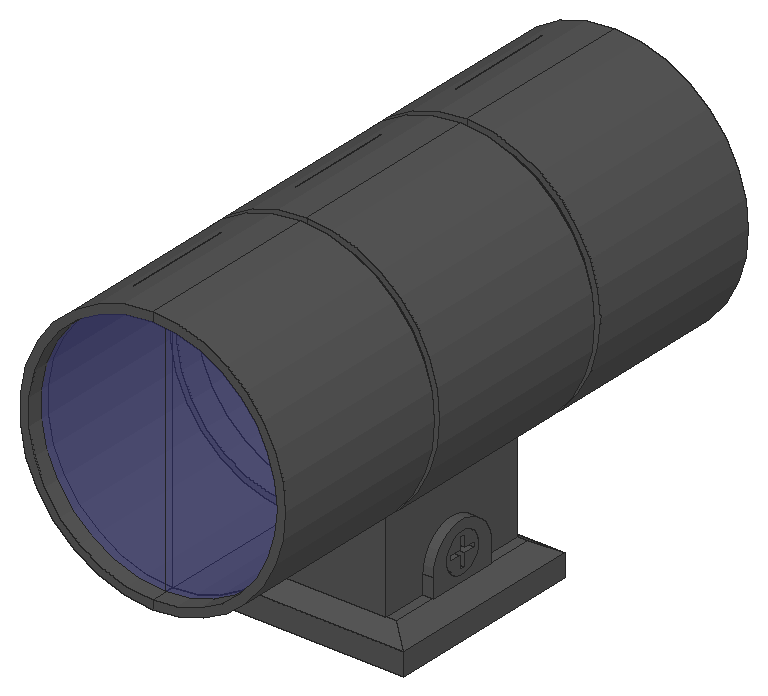
Revit family "CARLO CYLINDER LIGHT WALL MOUNT", category Lighting Fixtures, host Face, Revit 2020 (continued)
Types (10): name | Wattage_Input | Wattage Comments | Wattage | Photometric Web File | built-in parameter 1150142 | Model | built-in parameter 1150105 | Lumens | Light Length 1 | LIGHT RADIUS | LIGHT PLACEMENT | LIGHT LENGTH | LIGHT DIA | built-in parameter 1150106 | FIXED END HEIGHT | Curve base Height | Base Curve | BEAMING ANGLE | Apparent Load
     85.55 108.17 131.34 154.8 178.12 \r\n 200.53 221.09 239.95 257.86 272.07 278.63 281.81 284.71 286.95 289.22 \r\n 291.46 293.58 296.29 300.37 305.58 312.8 319.47 322.5 324.34 326.6 \r\n 328.64 330.24 331.73 333.31 335.12 337.32 340.09 343.33 347.94 354.73 \r\n 363.85 375.71 390.3 407.69 427.98 450.9 477.53 508.86 544.83 586.09 \r\n 631.46 680.07 731.56 785.65 841.3 897.2 953.88 1012 1069.8 1125.4 \r\n 1179.9 1233.9 1286.8 1338.1 1387.5 1434.4 1479.2 1522.4 1564.5 1606.5 \r\n 1647.3 1686.8 1723.7 1756.2 1786.1 1814.9 1842.2 1868.2 1892.3 1913.6 \r\n 1932.3 1948.1 1961.6 1973.5 1983.9 1993 2000.6 2006.9 2011.3 2013.4 \r\n 2013.2 \r\n2008.1 2012.4 2009.3 2003.7 1996.3 1987.9 1978 1966.5 1953.6 1940 \r\n 1924.3 1905.3 1883.6 1859.8 1833.9 1806.2 1776.8 1746.8 1714.6 1678.2 \r\n 1639.4 1599.4 1558.2 1516.3 1473.1 1428.1 1381.3 1332.5 1281.7 1229 \r\n 1175.1 1121.3 1065.9 1006.5 946.79 890.38 835.1 779.35 725 673.25 \r\n 624.43 578.96 537.8 502.44 471.72 445.13 422.22 402.48 385.71 371.49 \r\n 360.03 351.7 345.66 341.44 338.44 335.88 333.78 331.85 330.16 328.86 \r\n 327.44 325.32 322.86 320.73 317.43 310.65 303.55 298.94 295.5 292.97 \r\n 290.92 288.84 286.64 284.32 281.04 277.03 269.07 251.97 231.83 214.21 \r\n 195.5 173.21 149.46 125.15 101.4 79.463 59.831 42.996 30.168 23.756 \r\n 20.668 18.731 17.61 16.03 14.648 13.785 13.181 12.686 12.284 11.908 \r\n 11.568 11.257 10.956 10.642 10.316 9.9653 9.6091 9.2691 8.9238 8.5464 \r\n 8.1752 7.8469 7.5386 7.2465 6.9497 6.6126 6.2759 5.9808 5.6907 5.3696 \r\n 5.058 4.7981 4.5489 4.2757 4.0031 3.7449 3.4996 3.2765 3.0567 2.8125 \r\n 2.5793 2.3966 2.2251 2.0288 1.8377 1.6761 1.525 1.3697 1.2217 1.0871 \r\n 0.96722 0.86736 0.78087 0.70143 0.63329 0.58021 0.53725 0.50139 0.47069 0.44264 \r\n 0.416 0.39127 0.36846 0.34718 0.32913 0.31667 0.30742 0.30014 0.29376 0.28662 \r\n 0.27928 0.27176 0.2641 0.25634 0.24851 0.24092 0.23271 0.22383 0.21211 0.2001 \r\n 0.1736 0.10527 0.037113 0.010026 0 0 0 0 0 0 \r\n 0 0 0 0 0.000067 0.00074907 0.0076042 0.024618 0.05706 0.12324 \r\n 0.18802 0.21435 0.22629 0.23571 0.24212 0.24926 0.2563 0.26368 0.27133 0.27917 \r\n 0.2876 0.29714 0.3073 0.31787 0.32865 0.33823 0.35011 0.36802 0.3899 0.41567 \r\n 0.44325 0.47032 0.49781 0.53035 0.56904 0.6158 0.67282 0.74432 0.82621 0.91298 \r\n 1.013 1.1353 1.2726 1.4232 1.5807 1.7334 1.8958 2.0862 2.2817 2.4546 \r\n 2.6386 2.871 3.1141 3.3327 3.556 3.8072 4.0699 4.3363 4.6034 4.8576 \r\n 5.1237 5.4346 5.7526 6.0377 6.3293 6.669 7.0102 7.3076 7.5986 7.9018 \r\n 8.2281 8.6109 9.0013 9.3514 9.6916 10.041 10.387 10.72 11.043 11.344 \r\n 11.652 11.989 12.371 12.795 13.33 14.001 14.942 16.416 18.068 19.104 \r\n 21.095 24.687 31.865 45.72 63.577 83.989 106.36 129.88 153.77 177.29 \r\n 199.6 219.2 237.33 256.11 271.47 278.46 281.83 284.81 287.03 289.23 \r\n 291.38 293.47 296.14 300.02 305.09 312.44 319.28 322.3 324.09 326.4 \r\n 328.47 330.02 331.43 332.98 334.75 336.87 339.54 342.71 347.24 353.89 \r\n 362.86 374.62 389.15 406.54 426.9 450.01 476.85 508.29 544.36 585.83 \r\n 631.4 680.13 731.75 786.16 841.96 897.3 953.49 1012.2 1070.6 1125.9 \r\n 1179.8 1233.5 1285.9 1337 1386.1 1432.7 1477.5 1520.5 1562.5 1604.3 \r\n 1645 1684.3 1721 1753.3 1783.1 1812.3 1840 1866 1889.8 1911.2 \r\n 1930 1945.5 1959 1971.2 1982 1991.3 1999.2 2005.9 2010.7 2013.1 \r\n 2013.2 \r\n2008.1 2012.8 2010.1 2004.9 1997.8 1989.6 1980.1 1968.9 1956.4 1943 \r\n 1927.5 1908.7 1887.3 1863.6 1837.7 1809.8 1780.3 1750.5 1718.4 1681.8 \r\n 1642.8 1602.3 1560.6 1518.8 1475.7 1431.1 1384.6 1335.6 1284.8 1232.5 \r\n 1179.1 1125.5 1070.4 1011.3 952.07 896.17 841.25 785.35 730.73 679 \r\n 630.18 584.48 542.93 506.9 475.51 448.58 425.38 405.09 387.81 373.39 \r\n 361.77 353 346.54 342.1 338.99 336.4 334.34 332.57 331.03 329.67 \r\n 328.16 326.06 323.7 321.86 318.79 311.87 304.5 299.62 295.94 293.33 \r\n 291.26 289.19 287.05 284.82 281.74 278.13 270.66 254.18 234.56 217.06 \r\n 198.33 176.1 152.39 128.11 104.31 82.187 62.213 44.805 31.356 24.405 \r\n 20.929 18.933 17.859 16.239 14.811 13.912 13.278 12.761 12.348 11.974 \r\n 11.641 11.339 11.044 10.719 10.383 10.035 9.6842 9.3421 8.9909 8.6019 \r\n 8.2199 7.8906 7.584 7.2921 6.9947 6.6545 6.3155 6.022 5.7346 5.4148 \r\n 5.1037 4.8417 4.5911 4.3211 4.0513 3.7896 3.54 3.3165 3.0964 2.849 \r\n 2.6134 2.4334 2.2648 2.0669 1.8736 1.7123 1.5614 1.4043 1.2538 1.1166 \r\n 0.99445 0.8941 0.80675 0.72357 0.65136 0.596 0.55156 0.51481 0.48354 0.45522 \r\n 0.42756 0.40062 0.37566 0.3535 0.33568 0.32568 0.31853 0.30995 0.30137 0.2928 \r\n 0.28422 0.27564 0.26706 0.25849 0.24991 0.24133 0.23275 0.22543 0.2156 0.20432 \r\n 0.17834 0.11135 0.043568 0.013361 0 0 0 0 0 0 \r\n 0 0 0 0 0 0 0 0.013361 0.043568 0.11135 \r\n 0.17834 0.20432 0.2156 0.22543 0.23275 0.24133 0.24991 0.25849 0.26706 0.27564 \r\n 0.28422 0.2928 0.30137 0.30995 0.31853 0.32568 0.33568 0.3535 0.37566 0.40062 \r\n 0.42756 0.45522 0.48354 0.51481 0.55156 0.596 0.65136 0.72357 0.80675 0.8941 \r\n 0.99444 1.1166 1.2538 1.4043 1.5614 1.7123 1.8736 2.0669 2.2648 2.4334 \r\n 2.6134 2.849 3.0964 3.3165 3.54 3.7896 4.0513 4.3211 4.5911 4.8417 \r\n 5.1037 5.4148 5.7346 6.022 6.3155 6.6545 6.9947 7.2921 7.584 7.8906 \r\n 8.2199 8.6019 8.9909 9.3421 9.6842 10.035 10.383 10.719 11.044 11.339 \r\n 11.641 11.974 12.348 12.761 13.278 13.912 14.811 16.239 17.859 18.933 \r\n 20.929 24.405 31.356 44.805 62.213 82.187 104.31 128.11 152.39 176.1 \r\n 198.33 217.06 234.56 254.18 270.66 278.13 281.74 284.82 287.05 289.19 \r\n 291.26 293.33 295.94 299.62 304.5 311.87 318.79 321.86 323.7 326.06 \r\n 328.16 329.67 331.03 332.57 334.34 336.4 338.99 342.1 346.54 353 \r\n 361.77 373.39 387.81 405.09 425.38 448.58 475.51 506.9 542.93 584.48 \r\n 630.18 679 730.73 785.35 841.25 896.17 952.07 1011.3 1070.4 1125.5 \r\n 1179.1 1232.5 1284.8 1335.6 1384.6 1431.1 1475.7 1518.8 1560.6 1602.3 \r\n 1642.8 1681.8 1718.4 1750.5 1780.3 1809.8 1837.7 1863.6 1887.3 1908.7 \r\n 1927.5 1943 1956.4 1968.9 1980.1 1989.6 1997.8 2004.9 2010.1 2012.8 \r\n 2013.2 \r\n2008.1 2013.1 2010.7 2005.9 1999.2 1991.3 1982 1971.2 1959 1945.5 \r\n 1930 1911.2 1889.8 1866 1840 1812.3 1783.1 1753.3 1721 1684.3 \r\n 1645 1604.3 1562.5 1520.5 1477.5 1432.7 1386.1 1337 1285.9 1233.5 \r\n 1179.8 1125.9 1070.6 1012.2 953.49 897.3 841.96 786.16 731.75 680.13 \r\n 631.4 585.83 544.36 508.29 476.85 450.01 426.9 406.54 389.15 374.62 \r\n 362.86 353.89 347.24 342.71 339.54 336.87 334.75 332.98 331.43 330.02 \r\n 328.47 326.4 324.09 322.3 319.28 312.44 305.09 300.02 296.14 293.47 \r\n 291.38 289.23 287.03 284.81 281.83 278.46 271.47 256.11 237.33 219.2 \r\n 199.6 177.29 153.77 129.88 106.36 83.989 63.577 45.72 31.865 24.687 \r\n 21.095 19.104 18.068 16.416 14.942 14.001 13.33 12.795 12.371 11.989 \r\n 11.652 11.344 11.043 10.72 10.387 10.041 9.6916 9.3514 9.0013 8.6109 \r\n 8.2281 7.9018 7.5986 7.3076 7.0102 6.669 6.3293 6.0377 5.7526 5.4346 \r\n 5.1237 4.8576 4.6034 4.3363 4.0699 3.8072 3.556 3.3327 3.1141 2.871 \r\n 2.6386 2.4546 2.2817 2.0862 1.8958 1.7334 1.5807 1.4232 1.2726 1.1353 \r\n 1.013 0.91298 0.82621 0.74432 0.67282 0.6158 0.56904 0.53035 0.49781 0.47032 \r\n 0.44325 0.41567 0.3899 0.36802 0.35011 0.33823 0.32865 0.31787 0.3073 0.29714 \r\n 0.2876 0.27917 0.27133 0.26368 0.2563 0.24926 0.24212 0.23571 0.22629 0.21435 \r\n 0.18802 0.12324 0.05706 0.024618 0.0076042 0.00074907 0.000067 0 0 0 \r\n 0 0 0 0 0 0 0 0.010026 0.037113 0.10527 \r\n 0.1736 0.2001 0.21211 0.22383 0.23271 0.24092 0.24851 0.25634 0.2641 0.27176 \r\n 0.27928 0.28662 0.29376 0.30014 0.30742 0.31667 0.32913 0.34718 0.36846 0.39127 \r\n 0.416 0.44264 0.47069 0.50139 0.53725 0.58021 0.63329 0.70143 0.78087 0.86736 \r\n 0.96722 1.0871 1.2217 1.3697 1.525 1.6761 1.8377 2.0288 2.2251 2.3966 \r\n 2.5793 2.8125 3.0567 3.2765 3.4996 3.7449 4.0031 4.2757 4.5489 4.7981 \r\n 5.058 5.3696 5.6907 5.9808 6.2759 6.6126 6.9497 7.2465 7.5386 7.8469 \r\n 8.1752 8.5464 8.9238 9.2691 9.6091 9.9653 10.316 10.642 10.956 11.257 \r\n 11.568 11.908 12.284 12.686 13.181 13.785 14.648 16.03 17.61 18.731 \r\n 20.668 23.756 30.168 42.996 59.831 79.463 101.4 125.15 149.46 173.21 \r\n 195.5 214.21 231.83 251.97 269.07 277.03 281.04 284.32 286.64 288.84 \r\n 290.92 292.97 295.5 298.94 303.55 310.65 317.43 320.73 322.86 325.32 \r\n 327.44 328.86 330.16 331.85 333.78 335.88 338.44 341.44 345.66 351.7 \r\n 360.03 371.49 385.71 402.48 422.22 445.13 471.72 502.44 537.8 578.96 \r\n 624.43 673.25 725 779.35 835.1 890.38 946.79 1006.5 1065.9 1121.3 \r\n 1175.1 1229 1281.7 1332.5 1381.3 1428.1 1473.1 1516.3 1558.2 1599.4 \r\n 1639.4 1678.2 1714.6 1746.8 1776.8 1806.2 1833.9 1859.8 1883.6 1905.3 \r\n 1924.3 1940 1953.6 1966.5 1978 1987.9 1996.3 2003.7 2009.3 2012.4 \r\n 2013.2 \r\n2008.1 2013.4 2011.3 2006.9 2000.6 1993 1983.9 1973.5 1961.6 1948.1 \r\n 1932.3 1913.6 1892.3 1868.2 1842.2 1814.9 1786.1 1756.2 1723.7 1686.8 \r\n 1647.3 1606.5 1564.5 1522.4 1479.2 1434.4 1387.5 1338.1 1286.8 1233.9 \r\n 1179.9 1125.4 1069.8 1012 953.88 897.2 841.3 785.65 731.56 680.07 \r\n 631.46 586.09 544.83 508.86 477.53 450.9 427.98 407.69 390.3 375.71 \r\n 363.85 354.73 347.94 343.33 340.09 337.32 335.12 333.31 331.73 330.24 \r\n 328.64 326.6 324.34 322.5 319.47 312.8 305.58 300.37 296.29 293.58 \r\n 291.46 289.22 286.95 284.71 281.81 278.63 272.07 257.86 239.95 221.09 \r\n 200.53 178.12 154.8 131.34 108.17 85.55 64.702 46.446 32.247 24.899 \r\n 21.234 19.249 18.242 16.565 15.052 14.073 13.369 12.818 12.384 11.994 \r\n 11.65 11.332 11.025 10.706 10.378 10.035 9.6875 9.3493 9.0011 8.6118 \r\n 8.2304 7.9075 7.6075 7.3171 7.0194 6.6777 6.3379 6.0481 5.765 5.4486 \r\n 5.1378 4.8671 4.6088 4.3444 4.0817 3.8186 3.5663 3.3429 3.1258 2.8885 \r\n 2.6604 2.4711 2.2926 2.1001 1.9138 1.75 1.5951 1.4374 1.2873 1.1503 \r\n 1.0285 0.92873 0.84268 0.76314 0.69341 0.63507 0.58608 0.54543 0.5116 0.48508 \r\n 0.4589 0.43113 0.40498 0.38353 0.36539 0.35078 0.3379 0.32468 0.31211 0.30031 \r\n 0.28984 0.2817 0.27482 0.26844 0.26264 0.25764 0.25227 0.2465 0.23712 0.22443 \r\n 0.19786 0.13583 0.071729 0.03688 0.015835 0.0045024 0.00013953 0 0 0 \r\n 0 0 0 0 0 0 0 0.0079351 0.032974 0.10096 \r\n 0.1698 0.19672 0.20957 0.22337 0.2339 0.24144 0.24762 0.25439 0.26107 0.26763 \r\n 0.27401 0.28021 0.28615 0.29062 0.29706 0.30929 0.32497 0.34331 0.3635 0.38397 \r\n 0.40623 0.43157 0.45913 0.48939 0.52459 0.56621 0.61688 0.68 0.75467 0.8401 \r\n 0.93933 1.0563 1.1875 1.3327 1.4861 1.6378 1.7999 1.9877 2.1816 2.3574 \r\n 2.544 2.7732 3.0123 3.2319 3.4548 3.6954 3.9496 4.2244 4.5008 4.7491 \r\n 5.0078 5.3199 5.6422 5.9347 6.2313 6.5649 6.8985 7.1954 7.4884 7.7982 \r\n 8.1246 8.4837 8.8478 9.1865 9.5241 9.8854 10.239 10.552 10.855 11.164 \r\n 11.488 11.838 12.217 12.606 13.08 13.654 14.479 15.81 17.346 18.517 \r\n 20.388 23.042 28.867 41.036 57.279 76.594 98.342 121.96 146.22 169.99 \r\n 192.37 211.28 229.19 249.75 267.32 275.79 280.24 283.73 286.15 288.43 \r\n 290.53 292.58 295.01 298.22 302.53 309.27 315.82 319.38 321.86 324.42 \r\n 326.56 327.93 329.21 331.07 333.19 335.36 337.89 340.79 344.79 350.37 \r\n 358.25 369.48 383.44 399.6 418.69 441.17 467.32 497.23 531.78 572.42 \r\n 617.56 666.33 718.07 772.06 827.6 883.42 940.55 1000.7 1060.5 1116.2 \r\n 1170.3 1224.9 1278.3 1329.1 1377.9 1425.1 1470.5 1513.9 1555.8 1596.6 \r\n 1636.1 1674.5 1710.7 1743.2 1773.5 1802.5 1829.9 1855.9 1879.9 1901.7 \r\n 1921 1937 1950.9 1964.1 1976 1986.1 1994.8 2002.5 2008.5 2012 \r\n 2013.2 \r\n2008.1 2013.5 2011.8 2007.8 2001.9 1994.6 1985.8 1975.8 1964.2 1950.6 \r\n 1934.7 1916 1894.7 1870.5 1844.5 1817.7 1789.4 1759.3 1726.5 1689.5 \r\n 1649.9 1608.9 1566.8 1524.6 1481.2 1436.1 1389 1339.3 1287.6 1234.1 \r\n 1179.4 1124.4 1068.5 1011.2 953.56 896.31 839.79 784.34 730.64 679.26 \r\n 630.76 585.64 544.64 508.89 477.78 451.43 428.76 408.64 391.33 376.74 \r\n 364.8 355.56 348.64 343.96 340.65 337.77 335.46 333.58 331.95 330.38 \r\n 328.73 326.72 324.48 322.53 319.43 312.99 305.99 300.69 296.45 293.69 \r\n 291.53 289.21 286.85 284.59 281.75 278.71 272.53 259.39 242.28 222.73 \r\n 201.25 178.74 155.62 132.6 109.77 86.917 65.662 47.061 32.57 25.079 \r\n 21.352 19.364 18.374 16.678 15.137 14.126 13.395 12.83 12.39 11.991 \r\n 11.638 11.31 10.996 10.682 10.363 10.024 9.6786 9.3423 8.9959 8.6094 \r\n 8.2311 7.9113 7.6136 7.3235 7.0255 6.6838 6.3442 6.0556 5.7739 5.459 \r\n 5.1482 4.8726 4.61 4.3481 4.089 3.8259 3.5729 3.3491 3.1331 2.902 \r\n 2.6785 2.4834 2.2987 2.1095 1.9275 1.7622 1.6048 1.4474 1.2981 1.1616 \r\n 1.0404 0.94083 0.85547 0.77878 0.71144 0.6522 0.60129 0.55887 0.52387 0.4983 \r\n 0.47313 0.4456 0.41944 0.39846 0.37989 0.36215 0.34558 0.32989 0.31539 0.30198 \r\n 0.29064 0.2828 0.27695 0.27201 0.26802 0.26531 0.26185 0.25645 0.24682 0.23342 \r\n 0.20684 0.14798 0.08629 0.048932 0.023705 0.0080571 0.00020703 0 0 0 \r\n 0 0 0 0 0 0 0.000000 0.0070223 0.031012 0.098274 \r\n 0.16676 0.19387 0.2075 0.2233 0.23543 0.24219 0.24687 0.25253 0.25812 0.2636 \r\n 0.26896 0.27421 0.27924 0.28229 0.2884 0.30398 0.32313 0.34174 0.36076 0.37893 \r\n 0.39875 0.42266 0.4496 0.47957 0.51428 0.55474 0.603 0.66071 0.73017 0.81445 \r\n 0.91293 1.0264 1.1537 1.296 1.4476 1.6001 1.7627 1.9467 2.1377 2.3185 \r\n 2.5096 2.7335 2.9663 3.1857 3.4088 3.6446 3.8945 4.1712 4.4504 4.6985 \r\n 4.9565 5.2689 5.5921 5.8866 6.1843 6.5143 6.8444 7.1424 7.4372 7.7483 \r\n 8.0725 8.4193 8.7701 9.1023 9.4378 9.8041 10.161 10.461 10.753 11.073 \r\n 11.411 11.771 12.153 12.532 12.984 13.528 14.314 15.591 17.079 18.298 \r\n 20.101 22.308 27.533 39.045 54.703 73.727 95.301 118.73 142.86 166.62 \r\n 189.14 208.42 226.76 247.63 265.52 274.49 279.4 283.09 285.6 287.97 \r\n 290.11 292.15 294.5 297.48 301.48 307.79 314.06 317.87 320.72 323.39 \r\n 325.56 326.93 328.24 330.29 332.61 334.85 337.37 340.17 343.94 349.1 \r\n 356.51 367.48 381.12 396.6 414.95 436.95 462.56 491.59 525.27 565.31 \r\n 610.05 658.73 710.42 764 819.33 875.81 933.77 994.38 1054.5 1110.6 \r\n 1165.2 1220.6 1274.7 1325.6 1374.5 1422.1 1467.8 1511.5 1553.4 1593.9 \r\n 1632.8 1670.9 1707 1739.8 1770.4 1799 1826.1 1852 1876.2 1898.2 \r\n 1917.8 1934.1 1948.4 1961.9 1974 1984.4 1993.3 2001.3 2007.6 2011.5 \r\n 2013.2 \r\n2008.1 2013.7 2012.2 2008.6 2003.2 1996.2 1987.7 1978.2 1966.8 1953.2 \r\n 1937.2 1918.5 1897.3 1873.1 1847.1 1820.9 1793 1762.8 1729.8 1692.7 \r\n 1653 1611.9 1569.6 1527.2 1483.6 1438.2 1390.8 1340.7 1288.6 1234.4 \r\n 1179 1123.3 1067.1 1010.2 952.89 895.07 837.96 782.75 729.44 678.16 \r\n 629.74 584.86 544.15 508.66 477.82 451.76 429.37 409.47 392.32 377.74 \r\n 365.76 356.42 349.38 344.61 341.21 338.21 335.78 333.82 332.12 330.48 \r\n 328.77 326.79 324.56 322.43 319.22 313.06 306.35 301 296.63 293.83 \r\n 291.64 289.22 286.8 284.51 281.72 278.79 272.91 260.64 244.18 224.1 \r\n 201.92 179.32 156.36 133.72 111.19 88.138 66.53 47.64 32.902 25.264 \r\n 21.455 19.444 18.457 16.749 15.193 14.159 13.406 12.834 12.39 11.982 \r\n 11.62 11.283 10.964 10.656 10.346 10.013 9.6717 9.3365 8.991 8.6085 \r\n 8.2343 7.9167 7.62 7.3299 7.0315 6.69 6.3509 6.0628 5.7816 5.4679 \r\n 5.157 4.8765 4.6097 4.35 4.0942 3.8313 3.5778 3.3531 3.1374 2.9121 \r\n 2.6928 2.492 2.3012 2.1153 1.9374 1.7703 1.6106 1.4536 1.3053 1.1693 \r\n 1.0485 0.94878 0.86386 0.79 0.72523 0.66557 0.61327 0.5695 0.53359 0.50877 \r\n 0.48457 0.45765 0.43184 0.41119 0.392 0.37116 0.351 0.33299 0.31673 0.30185 \r\n 0.28968 0.28207 0.27713 0.27366 0.2715 0.27112 0.26952 0.26417 0.25406 0.24021 \r\n 0.21398 0.15854 0.099457 0.059557 0.030226 0.010933 0.00026076 0 0 0 \r\n 0 0 0 0 0 0 0 0.0072235 0.031093 0.097056 \r\n 0.16427 0.19123 0.20541 0.22288 0.23639 0.24249 0.24591 0.25064 0.25535 0.26002 \r\n 0.26465 0.26925 0.27376 0.27606 0.28237 0.3012 0.32355 0.34234 0.36022 0.37637 \r\n 0.39404 0.41659 0.44286 0.47267 0.50706 0.54652 0.59256 0.645 0.70937 0.79254 \r\n 0.89019 0.99965 1.1227 1.2625 1.4126 1.5659 1.7289 1.9089 2.0969 2.2827 \r\n 2.4779 2.6959 2.9216 3.1411 3.3649 3.5962 3.842 4.1199 4.4015 4.6496 \r\n 4.9073 5.22 5.5438 5.8397 6.1377 6.4639 6.7907 7.091 7.3889 7.7012 \r\n 8.0231 8.3589 8.698 9.0248 9.3586 9.7298 10.09 10.38 10.664 10.994 \r\n 11.348 11.717 12.101 12.471 12.903 13.417 14.163 15.383 16.821 18.084 \r\n 19.819 21.597 26.25 37.14 52.248 71.012 92.421 115.61 139.57 163.32 \r\n 186 205.79 224.67 245.71 263.77 273.22 278.59 282.45 285.05 287.5 \r\n 289.69 291.73 293.99 296.77 300.47 306.31 312.24 316.28 319.47 322.25 \r\n 324.47 325.91 327.32 329.56 332.05 334.36 336.87 339.58 343.16 347.94 \r\n 354.92 365.58 378.83 393.61 411.22 432.68 457.71 485.88 518.69 558.09 
